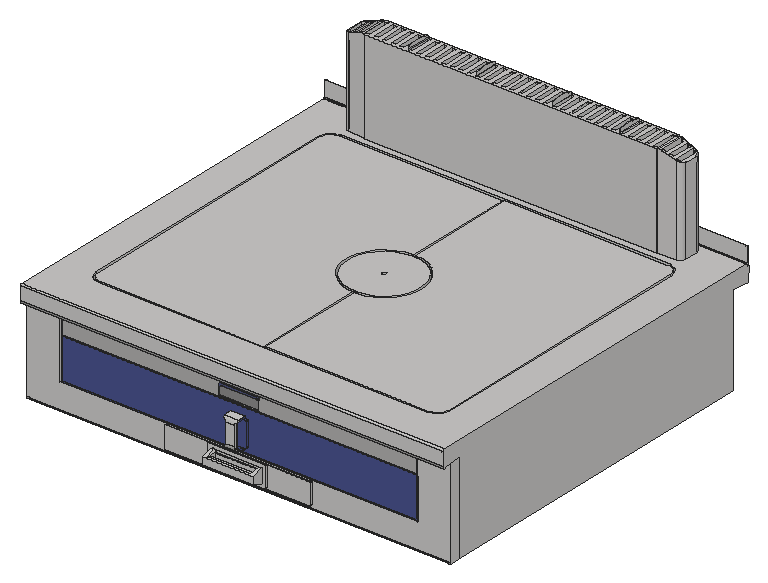
Revit family "QF_ELECTROLUXPROFESSIONAL_593338_MCKDEADDVO", category Specialty Equipment, Revit 2018
Family settings
  Round Connector Dimension = Use Diameter
  Part Type = Normal
  Work Plane-Based = No
  Always vertical = Yes
  Cut with Voids When Loaded = No
  Shared = No
  Room Calculation Point = No
Parameters (values of type "Standard")
  Weight = 73.00 kg
  Watts = 0 W
  Volts = 0 V
  URL Manufacturer = "http://professional.electrolux.com"
  URL = "http://professional.electrolux.com"
  Steam Supply Size = 0"
  Steam Supply Minimum Pressure = 0.00 psi
  Steam Supply Maximum Pressure = 0.00 psi
  Steam Pounds per Hour = 0
  Show Clearance [instance] = yes
  Refrigeration Suction Line Size = 0 mm
  Refrigeration Liquid Line Size = 0 mm
  Refrigerant Compressor Remote = yes
  Phase = 0
  Model = "MCKDEADDVO"
  Manufacturer = "Electrolux Professional"
  Length Actual = 400 mm  # constant formula
  Item Number = "593338"
  Hot Water Size = 0"
  Height Actual = 700 mm  # constant formula
  HP = "0 HP"
  Gas Size = 1/2"
  Gas KW = 9.5
  Gas Input Pressure = 0.776646 Btu/h
  Direct Waste Size = 1"
  Description = "GAS PASTA COOK,TOWNGAS,20L 400X900X700H"
  Depth Actual = 900 mm  # constant formula
  Cycle = 0 Hz
  Condensate Return Size = 0"
  Compressed Air Volume = 0 GPM
  Compressed Air Size = 0"
  Compressed Air Pressure = 0.00 psi
  Cold Water Size = 3/4"
  Accessory = yes
Reference planes
  plane 1 "BACK": y = 0
  plane 2: z = 0
  plane 3 "LEFT": x = 0
  plane 4 "RIGHT": x = 1000
  plane 5 "FRONT": y = -900
  plane 6 "TOP": z = 481
  plane 7 "Center Y": x = 500
  plane 8 "Center X": y = -450
  plane 9: z = 250
  plane 10: y = -1330
  plane 11: x = 965
Forms (mm)
  Extrusion 1, solid, material "QF_Finishes_Stainless Steel"
    sketch origin (653.786, 50.048, -650) x (0, 1, 0) y (0, 0, 1)
      loop
        line (-95.048, 863) -> (-71.412, 863) -> (-54.743, 860.061)
        arc (-54.743, 860.061) -> (-51.477, 860.936) -> (-50.048, 864) r 4
        line (-50.048, 864) -> (-50.048, 896)
        arc (-50.048, 896) -> (-51.22, 898.828) -> (-54.048, 900) r 4
        line (-54.048, 900) -> (-946.048, 900)
        arc (-946.048, 900) -> (-948.877, 898.828) -> (-950.048, 896) r 4
        line (-950.048, 896) -> (-950.048, 864)
        arc (-950.048, 864) -> (-948.619, 860.936) -> (-945.353, 860.061) r 4
        line (-945.353, 860.061) -> (-928.509, 863) -> (-905.048, 863) -> (-905.048, 650) -> (-95.048, 650) -> (-95.048, 863)
    from -653.786 to 346.214
  Extrusion 2, void
    sketch origin (653.786, 50.048, -650) x (1, 0, 0) y (0, 1, 0)
      loop
        arc (-542.786, -143.048) -> (-564, -151.835) -> (-572.786, -173.048) r 30
        line (-572.786, -173.048) -> (-572.786, -827.048)
        arc (-572.786, -827.048) -> (-564, -848.261) -> (-542.786, -857.048) r 30
        line (-542.786, -857.048) -> (235.214, -857.048)
        arc (235.214, -857.048) -> (256.427, -848.261) -> (265.214, -827.048) r 30
        line (265.214, -827.048) -> (265.214, -173.048)
        arc (265.214, -173.048) -> (256.427, -151.835) -> (235.214, -143.048) r 30
        line (235.214, -143.048) -> (-542.786, -143.048)
      loop
        line (-567.786, -173.048) -> (-567.786, -827.048)
        arc (-567.786, -827.048) -> (-560.464, -844.726) -> (-542.786, -852.048) r 25
        line (-542.786, -852.048) -> (-156.286, -852.048) -> (-156.286, -590.013)
        arc (-156.286, -590.013) -> (-243.786, -500.048) -> (-156.286, -410.083) r 90
        line (-156.286, -410.083) -> (-156.286, -148.048) -> (-542.786, -148.048)
        arc (-542.786, -148.048) -> (-560.464, -155.37) -> (-567.786, -173.048) r 25
      loop
        line (235.214, -148.048) -> (-151.286, -148.048) -> (-151.286, -410.083)
        arc (-151.286, -410.083) -> (-63.786, -500.048) -> (-151.286, -590.013) r 90
        line (-151.286, -590.013) -> (-151.286, -852.048) -> (235.214, -852.048)
        arc (235.214, -852.048) -> (252.891, -844.726) -> (260.214, -827.048) r 25
        line (260.214, -827.048) -> (260.214, -173.048)
        arc (260.214, -173.048) -> (252.891, -155.37) -> (235.214, -148.048) r 25
      loop
        circle (-153.786, -500.048) r 5
      loop
        arc (-156.286, -415.085) -> (-238.786, -500.048) -> (-156.286, -585.011) r 85
        arc (-156.286, -585.011) -> (-153.786, -585.048) -> (-151.286, -585.011) r 85
        arc (-151.286, -585.011) -> (-68.786, -500.048) -> (-151.286, -415.085) r 85
        arc (-151.286, -415.085) -> (-153.786, -415.048) -> (-156.286, -415.085) r 85
    from 887.5 to 900
  Extrusion 3, solid, material "QF_Finishes_Stainless Steel"
    sketch origin (-8, 53.486, -651.25) x (0, 1, 0) y (0, 0, 1)
      loop
        arc (-55.437, 903.256) -> (-56.028, 901.836) -> (-57.453, 901.256) r 2
        arc (-57.453, 901.256) -> (-54.646, 900.067) -> (-53.486, 897.25) r 4
        line (-53.486, 897.25) -> (-53.486, 939.256) -> (-55.437, 939.256) -> (-55.437, 903.256)
    from 8 to 1008
  Extrusion 4, solid, material "QF_Finishes_Stainless Steel"
    sketch origin (0, 0, 0) x (1, 0, 0) y (0, 1, 0)
      loop
        circle (965, -590) r 6.35
    from 0 to -14.661
  Extrusion 5, solid, material "QF_Door-Drawer Clearances", visible <- "Show Clearance", detail levels coarse
    sketch origin (0, 0, 0) x (1, 0, 0) y (0, 1, 0)
      loop
        line (327.605, -882.593) -> (327.605, -1330) -> (671.605, -1330) -> (671.605, -882.593) -> (327.605, -882.593)
    from 8.62 to 60
  Extrusion 6, solid, material "QF_Clearances", visible <- "Show Clearance", detail levels coarse
    sketch origin (0, 0, 0) x (1, 0, 0) y (0, 1, 0)
      loop
        line (-250, 150) -> (-250, -900) -> (0, -900) -> (0, 0) -> (1000, 0) -> (1000, -900) -> (1250, -900) -> (1250, 150) -> (-250, 150)
    from 0 to 481
Cuts and joins
  Extrusion 2 cuts Extrusion 1
Lines and regions (mm)
  symbolic lines, style "QF_Door-Drawer Clearances"
    curve 1: line (327.605, -900, 0) -> (327.605, -1330, 0)
    curve 2: line (327.605, -1330, 0) -> (671.605, -1330, 0)
    curve 3: line (671.605, -1330, 0) -> (671.605, -900, 0)
  symbolic lines
    curve 4: line (0, -900, 0) -> (1000, -900, 0)
    curve 5: line (0, 0, 0) -> (0, -900, 0)
    curve 6: line (1000, 0, 0) -> (0, 0, 0)
    curve 7: line (1000, -900, 0) -> (1000, 0, 0)
    curve 8: line (111, -93, 0) -> (889, -93, 0)
    curve 9: arc (889, -93, 0) -> (910.213, -101.787, 0) -> (919, -123, 0) r 30
    curve 10: line (919, -123, 0) -> (919, -777, 0)
    curve 11: arc (919, -777, 0) -> (910.213, -798.213, 0) -> (889, -807, 0) r 30
    curve 12: line (889, -807, 0) -> (111, -807, 0)
    curve 13: arc (111, -807, 0) -> (89.787, -798.213, 0) -> (81, -777, 0) r 30
    curve 14: line (81, -777, 0) -> (81, -123, 0)
    curve 15: arc (81, -123, 0) -> (89.787, -101.787, 0) -> (111, -93, 0) r 30
    curve 16: line (497.5, -98, 0) -> (111, -98, 0)
    curve 17: arc (111, -98, 0) -> (93.322, -105.322, 0) -> (86, -123, 0) r 25
    curve 18: line (86, -123, 0) -> (86, -777, 0)
    curve 19: arc (86, -777, 0) -> (93.322, -794.678, 0) -> (111, -802, 0) r 25
    curve 20: line (111, -802, 0) -> (497.5, -802, 0)
    curve 21: line (497.5, -802, 0) -> (497.5, -539.965, 0)
    curve 22: arc (497.5, -539.965, 0) -> (410, -450, 0) -> (497.5, -360.035, 0) r 90
    curve 23: line (497.5, -360.035, 0) -> (497.5, -98, 0)
    curve 24: line (889, -98, 0) -> (502.5, -98, 0)
    curve 25: line (502.5, -98, 0) -> (502.5, -360.035, 0)
    curve 26: arc (502.5, -360.035, 0) -> (590, -450, 0) -> (502.5, -539.965, 0) r 90
    curve 27: line (502.5, -539.965, 0) -> (502.5, -802, 0)
    curve 28: line (502.5, -802, 0) -> (889, -802, 0)
    curve 29: arc (889, -802, 0) -> (906.678, -794.678, 0) -> (914, -777, 0) r 25
    curve 30: line (914, -777, 0) -> (914, -123, 0)
    curve 31: arc (914, -123, 0) -> (906.678, -105.322, 0) -> (889, -98, 0) r 25
    curve 32: arc (502.5, -534.963, 0) -> (585, -450, 0) -> (502.5, -365.037, 0) r 85
    curve 33: arc (502.5, -365.037, 0) -> (500, -365, 0) -> (497.5, -365.037, 0) r 85
    curve 34: arc (497.5, -365.037, 0) -> (415, -450, 0) -> (497.5, -534.963, 0) r 85
    curve 35: arc (497.5, -534.963, 0) -> (500, -535, 0) -> (502.5, -534.963, 0) r 85
    curve 36: arc (505, -450, 0) -> (500, -455, 0) -> (495, -450, 0) r 5
    curve 37: arc (495, -450, 0) -> (500, -445, 0) -> (505, -450, 0) r 5
  symbolic lines, style "QF_Clearances", visible <- "Show Clearance", detail levels coarse
    curve 38: line (-250, -900, 0) -> (-250, 150, 0)
    curve 39: line (-250, 150, 0) -> (1250, 150, 0)
    curve 40: line (1250, 150, 0) -> (1250, -900, 0)
Dimensions and locks
  equal spacing: plane 3 "LEFT", plane 7 "Center Y", plane 4 "RIGHT"
  plane 3 "LEFT" to plane 4 "RIGHT" = 1000 mm
  equal spacing: plane 5 "FRONT", plane 8 "Center X", plane 1 "BACK"
  plane 5 "FRONT" to plane 1 "BACK" = 900 mm
  plane 6 "TOP" to level = 481 mm
  plane 9 to level = 250 mm  (x2)
  plane 5 "FRONT" to plane 10 = 430 mm
  curve 38 to plane 3 "LEFT" = 250 mm
  plane 4 "RIGHT" to curve 40 = 250 mm
  plane 1 "BACK" to curve 39 = 150 mm
  plane 4 "RIGHT" to plane 11 = 35 mm
  plane 1 "BACK" to Extrusion 4 = 590 mm
  plane 6 "TOP" to plane 9 = 231 mm
  locked: Extrusion 2 sketch curve to Extrusion 2 sketch curve (radius 30 mm)  (x4)
  locked: Extrusion 2 sketch curve to Extrusion 2 sketch curve (radius 25 mm)  (x4)
  locked: Extrusion 2 sketch curve to Extrusion 2 sketch curve (radius 90 mm)  (x2)
  locked: Extrusion 2 sketch curve to Extrusion 2 sketch curve (radius 85 mm)  (x2)
  aligned and locked: level to plane 2
Automatic sketch dimensions
  Extrusion 1 sketch curve to plane 5 "FRONT" = 0 mm
  Extrusion 1 sketch curve to plane 9 = 0 mm
  Extrusion 1 sketch curve to level = 0 mm
  Extrusion 1 sketch curve to plane 1 "BACK" = 0 mm
  Extrusion 1 sketch curve to plane 5 "FRONT" = 4.695 mm
  Extrusion 1 sketch curve to plane 9 = 39.939 mm
  Extrusion 1 sketch curve to plane 5 "FRONT" = 4 mm
  Extrusion 1 sketch curve to Extrusion 1 sketch curve = 16.844 mm
  Extrusion 1 sketch curve to plane 5 "FRONT" = 45 mm
  plane 1 "BACK" to Extrusion 1 sketch curve = 45 mm
  plane 1 "BACK" to Extrusion 1 sketch curve = 21.364 mm
  plane 1 "BACK" to Extrusion 1 sketch curve = 4 mm  (x2)
  Extrusion 1 sketch curve to Extrusion 1 sketch curve = 0.695 mm
  plane 1 "BACK" to Extrusion 1 sketch curve = 4.695 mm
  Extrusion 1 sketch curve to Extrusion 1 sketch curve = 0 mm  (x2)
  Extrusion 1 sketch curve to plane 9 = 37 mm  (x2)
  Extrusion 1 sketch curve to Extrusion 1 sketch curve = 1 mm
  Extrusion 2 sketch curve to Extrusion 2 sketch curve = 0 mm  (x19)
  Extrusion 2 sketch curve to plane 5 "FRONT" = 93 mm
  Extrusion 2 sketch curve to plane 7 "Center Y" = 0 mm
  Extrusion 2 sketch curve to plane 8 "Center X" = 0 mm
  Extrusion 2 sketch curve to plane 7 "Center Y" = 2.5 mm  (x4)
  plane 7 "Center Y" to Extrusion 2 sketch curve = 2.5 mm  (x4)
  plane 1 "BACK" to Extrusion 2 sketch curve = 123 mm
  Extrusion 3 sketch curve to plane 1 "BACK" = 0 mm
  Extrusion 3 sketch curve to plane 9 = 4 mm
  Extrusion 3 sketch curve to Extrusion 3 sketch curve = 1.951 mm
  Extrusion 3 sketch curve to Extrusion 3 sketch curve = 4 mm
  Extrusion 3 sketch curve to plane 9 = 0 mm
  Extrusion 3 sketch curve to Extrusion 3 sketch curve = 0 mm
  Extrusion 3 sketch curve to Extrusion 3 sketch curve = 0.016 mm
  plane 9 to Extrusion 3 sketch curve = 2.006 mm
  Extrusion 3 sketch curve to Extrusion 3 sketch curve = 36 mm
  plane 3 "LEFT" to Extrusion 2 sketch curve = 81 mm
  Extrusion 4 sketch curve to plane 8 "Center X" = 140 mm
  plane 4 "RIGHT" to Extrusion 4 sketch curve = 35 mm
  Extrusion 5 sketch curve to plane 10 = 0 mm
  Extrusion 5 sketch curve to plane 5 "FRONT" = 17.407 mm
  Extrusion 5 sketch curve to plane 7 "Center Y" = 172.395 mm
  plane 7 "Center Y" to Extrusion 5 sketch curve = 171.605 mm
  plane 4 "RIGHT" to Extrusion 2 sketch curve = 111 mm
  plane 5 "FRONT" to Extrusion 6 sketch curve = 0 mm
  Extrusion 6 sketch curve to plane 1 "BACK" = 150 mm
  Extrusion 6 sketch curve to plane 4 "RIGHT" = 250 mm
  Extrusion 6 sketch curve to plane 1 "BACK" = 0 mm
  Extrusion 6 sketch curve to plane 3 "LEFT" = 0 mm
  Extrusion 6 sketch curve to plane 4 "RIGHT" = 0 mm
  Extrusion 6 sketch curve to Extrusion 6 sketch curve = 250 mm
  Extrusion 6 sketch curve to Extrusion 6 sketch curve = 0 mm
  curve 9 to curve 31 = 0 mm  (x2)
  curve 11 to curve 29 = 0 mm  (x2)
  curve 13 to curve 19 = 0 mm  (x2)
  curve 15 to curve 17 = 0 mm  (x2)
  curve 22 to curve 26 = 0 mm  (x2)
  curve 22 to curve 32 = 0 mm  (x2)
  curve 22 to curve 33 = 0 mm  (x2)
  curve 22 to curve 34 = 0 mm  (x2)
  curve 22 to curve 35 = 0 mm
  curve 22 to curve 36 = 0 mm  (x2)
  plane 1 "BACK" to curve 5 = 0 mm
  curve 5 to plane 3 "LEFT" = 0 mm
  curve 1 to plane 10 = 0 mm
  curve 4 to plane 4 "RIGHT" = 0 mm
  plane 5 "FRONT" to curve 5 = 0 mm
  plane 5 "FRONT" to curve 38 = 0 mm
  curve 36 to plane 8 "Center X" = 0 mm
  curve 32 to plane 7 "Center Y" = 0 mm
  plane 5 "FRONT" to curve 40 = 0 mm
  plane 3 "LEFT" to curve 14 = 81 mm
  curve 13 to curve 18 = 5 mm
  curve 18 to curve 20 = 25 mm
  curve 17 to curve 8 = 25 mm
  curve 1 to plane 7 "Center Y" = 172.395 mm
  curve 21 to plane 7 "Center Y" = 2.5 mm
  curve 16 to plane 7 "Center Y" = 2.5 mm
  plane 7 "Center Y" to curve 28 = 2.5 mm
  plane 7 "Center Y" to curve 25 = 2.5 mm
  plane 7 "Center Y" to curve 3 = 171.605 mm
  plane 4 "RIGHT" to curve 28 = 111 mm
  curve 11 to curve 30 = 25 mm
  curve 30 to curve 10 = 5 mm
  curve 36 to curve 22 = 5 mm
  curve 34 to plane 7 "Center Y" = 2.5 mm
  curve 33 to plane 7 "Center Y" = 2.5 mm
  plane 7 "Center Y" to curve 33 = 2.5 mm
  plane 7 "Center Y" to curve 35 = 2.5 mm
  curve 12 to plane 5 "FRONT" = 93 mm
  curve 21 to plane 8 "Center X" = 89.965 mm
  curve 22 to curve 27 = 0 mm
  curve 27 to curve 35 = 5.002 mm
  plane 1 "BACK" to curve 30 = 123 mm
  plane 1 "BACK" to curve 14 = 123 mm
  radius of Extrusion 2 sketch curve = 5 mm
  radius of Extrusion 4 sketch curve = 6.35 mm
Nested families
  nested 1: "EG_900_1000_Front Panel with Center Grease Trap" at (202.376, -855, -650), type "EG_900_1000_Front Panel with Center Grease Trap"
  nested 2: "GG_900_Backsplash for 800 fryer" at (488.888, -5, -635.571), type "GG_900_Backsplash for 800 fryer"
Connectors
  piping at (965, -590, -14.661), diameter 12.7
    settings: on Extrusion 4, index 1, connector inside diameter 1/2", connector length 0 mm, flow factor 0, pipe flow 0 GPM, pressure drop 0.00 psi, fitting loss kfactor 0, connector angle 0.00°, fixture units 0, engagement length 0 mm, angle of deflection 0.00°, flow configuration 1, flow direction 1, fitting loss method 0, system type 7, joint type 0, gender type 0, connector reference index -1, connector utility 0, adjustable connector no, is connector primary yes, connector description "GAS INLET"
Definition of nested family "EG_900_1000_Front Panel with Center Grease Trap"
  Reference planes
    plane 1 "Center (Front/Back)": y = 0
    plane 2: z = 0
    plane 3 "Center (Left/Right)": x = 297.624
    plane 4: x = -202.376
    plane 5: x = 797.624
    plane 6: y = -45
  Forms (mm)
    Extrusion 1, solid
      sketch origin (833.217, 829.203, -1.25) x (0, 1, 0) y (0, 0, 1)
        loop
          arc (-854.203, 654.25) -> (-853.324, 652.129) -> (-851.203, 651.25) r 3
          line (-851.203, 651.25) -> (-829.203, 651.25) -> (-829.203, 864.25) -> (-854.203, 864.25) -> (-854.203, 654.25)
      from -1035.593 to -35.593
    Extrusion 2, void
      sketch origin (33.217, 829.203, -1.25) x (1, 0, 0) y (0, 0, 1)
        loop
          line (-157.593, 855.116) -> (-157.593, 713.116) -> (686.407, 713.116) -> (686.407, 855.116) -> (-157.593, 855.116)
      from 848.59 to 854.203
  Cuts and joins
    Extrusion 2 cuts Extrusion 1
  Dimensions and locks
    equal spacing: plane 5, plane 3 "Center (Left/Right)", plane 4
    plane 5 to plane 4 = 1000 mm
    aligned and locked: cut or joined group of Extrusion 1, Extrusion 2 to plane 4
    aligned and locked: plane 5 to cut or joined group of Extrusion 1, Extrusion 2
    aligned and locked: plane 3 "Center (Left/Right)" to nested 2
    aligned and locked: cut or joined group of Extrusion 1, Extrusion 2 to nested 2
    aligned and locked: plane 3 "Center (Left/Right)" to nested 1
    aligned and locked: plane 3 "Center (Left/Right)" to nested 3
  Automatic sketch dimensions
    Extrusion 1 sketch curve to plane 1 "Center (Front/Back)" = 0 mm
    plane 1 "Center (Front/Back)" to Extrusion 1 sketch curve = 22 mm
    Extrusion 1 sketch curve to Extrusion 1 sketch curve = 3 mm
    level to Extrusion 1 sketch curve = 650 mm
    Extrusion 1 sketch curve to Extrusion 1 sketch curve = 210 mm
    plane 4 to Extrusion 2 sketch curve = 78 mm
    Extrusion 2 sketch curve to plane 5 = 78 mm
    level to Extrusion 2 sketch curve = 711.866 mm
    Extrusion 2 sketch curve to Extrusion 2 sketch curve = 142 mm
  Nested families
    nested 1: "Range Control Handle" at (297.624, -28.137, -209.113) x (-1, 0, 0) z (0, 0, 1), type "Range Control Handle"
    nested 2: "glass conrol panel" at (297.624, 280.644, 2.752), type "glass conrol panel"
    nested 3: "grease trap door" at (365.223, -25, 0.608) x (-1, 0, 0) z (0, 0, 1), type "grease trap door"
  Definition of nested family "Range Control Handle"
    Reference planes
      plane 1 "Center (Front/Back)": y = 0
      plane 2: z = 0
      plane 3 "Center (Left/Right)": x = 0
      plane 4: z = 971.092
      plane 5: y = -16.9
    Forms (mm)
      Extrusion 1, solid
        sketch origin (-746.28, 380.497, 208.931) x (-1, 0, 0) y (0, 0, 1)
          loop
            line (-770.101, 786.798) -> (-770.101, 731.649)
            arc (-770.101, 731.649) -> (-769.759, 730.563) -> (-768.855, 729.87) r 1.893
            line (-768.855, 729.87) -> (-763.474, 727.911) -> (-729.81, 727.911) -> (-724.428, 729.87)
            arc (-724.428, 729.87) -> (-723.525, 730.563) -> (-723.183, 731.649) r 1.893
            line (-723.183, 731.649) -> (-723.183, 786.798)
            arc (-723.183, 786.798) -> (-723.529, 787.894) -> (-724.44, 788.593) r 1.91
            line (-724.44, 788.593) -> (-729.683, 790.819) -> (-763.601, 790.819) -> (-768.844, 788.593)
            arc (-768.844, 788.593) -> (-769.755, 787.894) -> (-770.101, 786.798) r 1.91
        from -382.35 to -378.852
      Sweep 2, solid
        path origin (-746.788, 380.496, 208.091) x (0, -1, 0) y (0, 0, 1)
          loop
            line (379.775, 793.281) -> (395.661, 791.048)
            arc (395.661, 791.048) -> (397.781, 787.377) -> (398.517, 783.202) r 12.207
            line (398.517, 783.202) -> (398.517, 737.368)
            arc (398.517, 737.368) -> (397.781, 733.193) -> (395.661, 729.522) r 12.207
            line (395.661, 729.522) -> (379.775, 727.289)
        profile origin (-746.788, -7.222, 1000.256) x (0, -0.139173, 0.990268) y (-1, 0, 0)
          loop
            line (0.782, -763.123) -> (0.782, -730.907) -> (-1.322, -730.907) -> (-1.322, -763.123) -> (0.782, -763.123)
      Sweep 3, solid
        path origin (-746.788, 380.715, 207.832) x (0, -1, 0) y (0, 0, 1)
          loop
            line (380.478, 795.442) -> (397.218, 793.09)
            arc (397.218, 793.09) -> (399.929, 788.473) -> (400.871, 783.202) r 15.207
            line (400.871, 783.202) -> (400.871, 737.584)
            arc (400.871, 737.584) -> (399.914, 732.274) -> (397.164, 727.633) r 15.207
            line (397.164, 727.633) -> (380.601, 725.305)
        profile origin (-746.788, -8.132, 1002.099) x (0, -0.139173, 0.990268) y (-1, 0, 0)
          loop
            line (0.782, -763.123) -> (0.782, -730.907) -> (-1.322, -730.907) -> (-1.322, -763.123) -> (0.782, -763.123)
      Extrusion 4, void
        sketch origin (889.253, 220.666, 207.993) x (1, 0, 0) y (0, 0, 1)
          loop
            line (-943.038, 816.854) -> (-943.038, 703.686) -> (-899.466, 734.196) -> (-899.466, 786.344) -> (-943.038, 816.854)
        from 230.636 to 242.25
      Extrusion 5, void
        sketch origin (-888.8, 220.666, 207.993) x (-1, 0, 0) y (0, 0, -1)
          loop
            line (-943.038, -816.854) -> (-899.466, -786.344) -> (-899.466, -734.196) -> (-943.038, -703.686) -> (-943.038, -816.854)
        from 230.636 to 242.25
      Extrusion 6, solid
        sketch origin (0, 0, 0) x (1, 0, 0) y (0, 0, 1)
          loop
            circle (0, 971.092) r 7.736
        from -3.137 to -1.645
    Cuts and joins
      Extrusion 4, Extrusion 5 cuts Sweep 3
      Extrusion 4, Extrusion 5 cuts Sweep 2
      joined: Extrusion 1, Extrusion 6
    Lines and regions (mm)
      symbolic lines
        curve 1: line (16.334, -16.9, 0) -> (16.334, -19.227, 0)
        curve 2: spline (16.334, -19.227, 0) -> (15.87, -19.385, 0) -> (15.404, -19.536, 0) -> (14.936, -19.678, 0) -> (14.466, -19.813, 0) -> (13.995, -19.94, 0) -> (13.523, -20.059, 0) -> (13.049, -20.171, 0) -> (12.575, -20.274, 0) -> (12.099, -20.37, 0) -> (11.622, -20.458, 0) -> (11.144, -20.537, 0) -> (10.666, -20.609, 0)
        curve 3: line (10.666, -16.9, 0) -> (10.666, -20.938, 0)
        curve 4: line (-10.213, -20.938, 0) -> (10.666, -20.938, 0)
        curve 5: line (-10.213, -20.938, 0) -> (-10.213, -16.9, 0)
        curve 6: spline (-10.213, -20.609, 0) -> (-10.691, -20.537, 0) -> (-11.169, -20.458, 0) -> (-11.646, -20.37, 0) -> (-12.122, -20.274, 0) -> (-12.597, -20.171, 0) -> (-13.07, -20.059, 0) -> (-13.542, -19.94, 0) -> (-14.013, -19.813, 0) -> (-14.483, -19.678, 0) -> (-14.951, -19.536, 0) -> (-15.417, -19.385, 0) -> (-15.881, -19.227, 0)
        curve 7: line (-15.881, -19.227, 0) -> (-15.881, -16.9, 0)
  Definition of nested family "glass conrol panel"
    Reference planes
      plane 1 "Center (Front/Back)": y = 0
      plane 2: z = 0
      plane 3 "Center (Left/Right)": x = 0
    Forms (mm)
      Extrusion 1, solid
        sketch origin (378.286, 0, 0.617) x (1, 0, 0) y (0, 0, 1)
          loop
            line (-800.286, 806.791) -> (-800.286, 708.497) -> (43.714, 708.497) -> (43.714, 806.791) -> (-800.286, 806.791)
        from 300.031 to 304.8
      Extrusion 2, solid
        sketch origin (378.286, 0, 0.617) x (1, 0, 0) y (0, 0, 1)
          loop
            line (-800.286, 850.497) -> (-800.286, 806.791) -> (43.714, 806.791) -> (43.714, 850.497) -> (-800.286, 850.497)
        from 300.031 to 304.8
      Extrusion 3, void
        sketch origin (378.286, 0, 0.617) x (1, 0, 0) y (0, 0, 1)
          loop
            line (-797.286, 847.565) -> (-797.286, 710.699) -> (40.714, 710.699) -> (40.714, 847.565) -> (-797.286, 847.565)
        from 303.697 to 304.8
      Extrusion 4, solid
        sketch origin (-308.309, 1.101, -0.633) x (-1, 0, 0) y (0, 0, -1)
          loop
            line (-261.431, -812.62) -> (-355.186, -812.62) -> (-355.186, -834.177) -> (-350.269, -834.177) -> (-348.469, -835.977) -> (-268.039, -835.977) -> (-266.24, -834.177) -> (-261.431, -834.177) -> (-261.431, -812.62)
        from 304.798 to 306.745
      Extrusion 5, solid
        sketch origin (-308.309, 1.101, -0.633) x (-1, 0, 0) y (0, 0, -1)
          loop
            line (-350.269, -834.177) -> (-355.078, -834.177)
            arc (-355.078, -834.177) -> (-353.942, -838.747) -> (-349.686, -840.763) r 5.5
            line (-349.686, -840.763) -> (-266.98, -840.763)
            arc (-266.98, -840.763) -> (-262.706, -838.752) -> (-261.529, -834.177) r 5.549
            line (-261.529, -834.177) -> (-266.24, -834.177) -> (-268.039, -835.977) -> (-348.469, -835.977) -> (-350.269, -834.177)
        from 304.798 to 306.745
    Cuts and joins
      Extrusion 3 cuts Extrusion 1
      Extrusion 3 cuts Extrusion 2
    Dimensions and locks
      aligned and locked: Extrusion 1 to Extrusion 2
      aligned and locked: Extrusion 5 sketch curve to Extrusion 4  (x5)
      aligned and locked: Extrusion 5 to Extrusion 4
  Definition of nested family "grease trap door"
    Reference planes
      plane 1 "Center (Front/Back)": y = 0
      plane 2: z = 0
      plane 3 "Center (Left/Right)": x = 0
      plane 4: y = -20
    Forms (mm)
      Extrusion 1, solid
        sketch origin (1627.55, 854.203, -1.25) x (1, 0, 0) y (0, 0, 1)
          loop
            arc (-1627.55, 661.235) -> (-1626.972, 659.84) -> (-1625.577, 659.262) r 1.973
            line (-1625.577, 659.262) -> (-1494.325, 659.262)
            arc (-1494.325, 659.262) -> (-1492.156, 660.16) -> (-1491.258, 662.329) r 3.067
            line (-1491.258, 662.329) -> (-1491.258, 708.803)
            arc (-1491.258, 708.803) -> (-1492.414, 710.143) -> (-1494.111, 710.642) r 3.133
            line (-1494.111, 710.642) -> (-1625.486, 710.642)
            arc (-1625.486, 710.642) -> (-1626.945, 710.038) -> (-1627.55, 708.579) r 2.063
            line (-1627.55, 708.579) -> (-1627.55, 661.235)
        from 856.795 to 859.203
      Extrusion 2, solid
        sketch origin (445.874, 2476.61, 0) x (0, 1, 0) y (0, 0, 1)
          loop
            line (-2506.377, 675.273) -> (-2481.61, 667.505) -> (-2481.61, 700.995) -> (-2506.377, 693.227) -> (-2506.377, 675.273)
        from -437.68 to -317.68
      Extrusion 3, void
        sketch origin (1627.55, 854.203, -1.25) x (1, 0, 0) y (0, 0, 1)
          loop
            line (-1614.883, 703) -> (-1610.542, 695.433) -> (-1508.17, 695.433) -> (-1503.828, 703) -> (-1614.883, 703)
          loop
            line (-1614.883, 668) -> (-1502.669, 668) -> (-1507.01, 675.567) -> (-1610.542, 675.567) -> (-1614.883, 668)
        from 832.916 to 883.97
      Extrusion 4, void
        sketch origin (447.55, 854.203, -1.25) x (1, 0, 0) y (0, 0, 1)
          loop
            line (-430.542, 695.433) -> (-430.542, 675.567) -> (-328.17, 675.567) -> (-328.17, 695.433) -> (-430.542, 695.433)
        from 859.203 to 874.202
      Extrusion 5, solid
        sketch origin (1627.55, 854.203, -1.25) x (1, 0, 0) y (0, 0, 1)
          loop
            arc (-1731.556, 661.235) -> (-1730.978, 659.84) -> (-1729.583, 659.262) r 1.973
            line (-1729.583, 659.262) -> (-1390.623, 659.262)
            arc (-1390.623, 659.262) -> (-1388.454, 660.16) -> (-1387.556, 662.329) r 3.067
            line (-1387.556, 662.329) -> (-1387.556, 708.803)
            arc (-1387.556, 708.803) -> (-1388.712, 710.143) -> (-1390.409, 710.642) r 3.133
            line (-1390.409, 710.642) -> (-1729.493, 710.642)
            arc (-1729.493, 710.642) -> (-1730.952, 710.038) -> (-1731.556, 708.579) r 2.063
            line (-1731.556, 708.579) -> (-1731.556, 661.235)
        from 854.203 to 856.795
    Cuts and joins
      Extrusion 3 cuts Extrusion 1
      Extrusion 3, Extrusion 4 cuts Extrusion 2
      joined: Extrusion 1, Extrusion 2
    Lines and regions (mm)
      model lines
        curve 1: line (67.599, 0, 658.012) -> (67.599, 0, 709.392)
      symbolic lines
        curve 2: line (8.194, -20, 0) -> (8.194, -29.767, 0)
        curve 3: line (8.194, -29.767, 0) -> (128.194, -29.767, 0)
        curve 4: line (128.194, -29.767, 0) -> (128.194, -20, 0)
    Dimensions and locks
      aligned and locked: Extrusion 2 to Extrusion 1
      aligned and locked: Extrusion 3 to Extrusion 2
      aligned and locked: Extrusion 4 to Extrusion 1
Definition of nested family "GG_900_Backsplash for 800 fryer"
  Reference planes
    plane 1 "Center (Front/Back)": y = 0
    plane 2: z = 0
    plane 3 "Center (Left/Right)": x = 11.112
    plane 4: x = -388.888
    plane 5: x = 411.112
    plane 6: y = -37.994
  Forms (mm)
    Extrusion 1, solid
      sketch origin (3208.371, -22.924, -275.679) x (1, 0, 0) y (0, 0, 1)
        loop
          line (-3597.259, 1365.162) -> (-3597.259, 1161.25) -> (-2797.259, 1161.25) -> (-2797.259, 1364.934) -> (-2841.553, 1381.055)
          arc (-2841.553, 1381.055) -> (-2844.994, 1381.949) -> (-2848.536, 1382.25) r 21
          line (-2848.536, 1382.25) -> (-3546.608, 1382.25)
          arc (-3546.608, 1382.25) -> (-3550.146, 1381.95) -> (-3553.582, 1381.058) r 21
          line (-3553.582, 1381.058) -> (-3597.259, 1365.162)
      from -17.885 to 48.024
    Extrusion 2, void
      sketch origin (3108.387, -925.98, -226.348) x (1, 0, 0) y (0, 1, 0)
        loop
          line (-3444.887, 915.362) -> (-3444.887, 861.502) -> (-3434.887, 861.502) -> (-3434.887, 915.362) -> (-3444.887, 915.362)
      from 1111.919 to 1332.919
    Extrusion 3, void
      sketch origin (3789.012, -925.98, -226.348) x (1, 0, 0) y (0, 1, 0)
        loop
          line (-3444.887, 915.362) -> (-3444.887, 861.502) -> (-3434.887, 861.502) -> (-3434.887, 915.362) -> (-3444.887, 915.362)
      from 1111.919 to 1332.919
    Extrusion 4, void
      sketch origin (3128.405, -925.98, -226.348) x (1, 0, 0) y (0, 1, 0)
        loop
          line (-3444.887, 915.362) -> (-3444.887, 861.502) -> (-3434.887, 861.502) -> (-3434.887, 915.362) -> (-3444.887, 915.362)
      from 1111.919 to 1332.919
    Extrusion 5, void
      sketch origin (3148.424, -925.98, -226.348) x (1, 0, 0) y (0, 1, 0)
        loop
          line (-3444.887, 915.362) -> (-3444.887, 861.502) -> (-3434.887, 861.502) -> (-3434.887, 915.362) -> (-3444.887, 915.362)
      from 1111.919 to 1332.919
    Extrusion 6, void
      sketch origin (3168.442, -925.98, -226.348) x (1, 0, 0) y (0, 1, 0)
        loop
          line (-3444.887, 915.362) -> (-3444.887, 861.502) -> (-3434.887, 861.502) -> (-3434.887, 915.362) -> (-3444.887, 915.362)
      from 1111.919 to 1332.919
    Extrusion 7, void
      sketch origin (3188.46, -925.98, -226.348) x (1, 0, 0) y (0, 1, 0)
        loop
          line (-3444.887, 915.362) -> (-3444.887, 861.502) -> (-3434.887, 861.502) -> (-3434.887, 915.362) -> (-3444.887, 915.362)
      from 1111.919 to 1332.919
    Extrusion 8, void
      sketch origin (3208.479, -925.98, -226.348) x (1, 0, 0) y (0, 1, 0)
        loop
          line (-3444.887, 915.362) -> (-3444.887, 861.502) -> (-3434.887, 861.502) -> (-3434.887, 915.362) -> (-3444.887, 915.362)
      from 1111.919 to 1332.919
    Extrusion 9, void
      sketch origin (3228.497, -925.98, -226.348) x (1, 0, 0) y (0, 1, 0)
        loop
          line (-3444.887, 915.362) -> (-3444.887, 861.502) -> (-3434.887, 861.502) -> (-3434.887, 915.362) -> (-3444.887, 915.362)
      from 1111.919 to 1332.919
    Extrusion 10, void
      sketch origin (3248.516, -925.98, -226.348) x (1, 0, 0) y (0, 1, 0)
        loop
          line (-3444.887, 915.362) -> (-3444.887, 861.502) -> (-3434.887, 861.502) -> (-3434.887, 915.362) -> (-3444.887, 915.362)
      from 1111.919 to 1332.919
    Extrusion 11, void
      sketch origin (3268.534, -925.98, -226.348) x (1, 0, 0) y (0, 1, 0)
        loop
          line (-3444.887, 915.362) -> (-3444.887, 861.502) -> (-3434.887, 861.502) -> (-3434.887, 915.362) -> (-3444.887, 915.362)
      from 1111.919 to 1332.919
    Extrusion 12, void
      sketch origin (3288.552, -925.98, -226.348) x (1, 0, 0) y (0, 1, 0)
        loop
          line (-3444.887, 915.362) -> (-3444.887, 861.502) -> (-3434.887, 861.502) -> (-3434.887, 915.362) -> (-3444.887, 915.362)
      from 1111.919 to 1332.919
    Extrusion 13, void
      sketch origin (3308.571, -925.98, -226.348) x (1, 0, 0) y (0, 1, 0)
        loop
          line (-3444.887, 915.362) -> (-3444.887, 861.502) -> (-3434.887, 861.502) -> (-3434.887, 915.362) -> (-3444.887, 915.362)
      from 1111.919 to 1332.919
    Extrusion 14, void
      sketch origin (3328.589, -925.98, -226.348) x (1, 0, 0) y (0, 1, 0)
        loop
          line (-3444.887, 915.362) -> (-3444.887, 861.502) -> (-3434.887, 861.502) -> (-3434.887, 915.362) -> (-3444.887, 915.362)
      from 1111.919 to 1332.919
    Extrusion 15, void
      sketch origin (3348.607, -925.98, -226.348) x (1, 0, 0) y (0, 1, 0)
        loop
          line (-3444.887, 915.362) -> (-3444.887, 861.502) -> (-3434.887, 861.502) -> (-3434.887, 915.362) -> (-3444.887, 915.362)
      from 1111.919 to 1332.919
    Extrusion 16, void
      sketch origin (3368.626, -925.98, -226.348) x (1, 0, 0) y (0, 1, 0)
        loop
          line (-3444.887, 915.362) -> (-3444.887, 861.502) -> (-3434.887, 861.502) -> (-3434.887, 915.362) -> (-3444.887, 915.362)
      from 1111.919 to 1332.919
    Extrusion 17, void
      sketch origin (3388.644, -925.98, -226.348) x (1, 0, 0) y (0, 1, 0)
        loop
          line (-3444.887, 915.362) -> (-3444.887, 861.502) -> (-3434.887, 861.502) -> (-3434.887, 915.362) -> (-3444.887, 915.362)
      from 1111.919 to 1332.919
    Extrusion 18, void
      sketch origin (3408.663, -925.98, -226.348) x (1, 0, 0) y (0, 1, 0)
        loop
          line (-3444.887, 915.362) -> (-3444.887, 861.502) -> (-3434.887, 861.502) -> (-3434.887, 915.362) -> (-3444.887, 915.362)
      from 1111.919 to 1332.919
    Extrusion 19, void
      sketch origin (3428.681, -925.98, -226.348) x (1, 0, 0) y (0, 1, 0)
        loop
          line (-3444.887, 915.362) -> (-3444.887, 861.502) -> (-3434.887, 861.502) -> (-3434.887, 915.362) -> (-3444.887, 915.362)
      from 1111.919 to 1332.919
    Extrusion 20, void
      sketch origin (3448.699, -925.98, -226.348) x (1, 0, 0) y (0, 1, 0)
        loop
          line (-3444.887, 915.362) -> (-3444.887, 861.502) -> (-3434.887, 861.502) -> (-3434.887, 915.362) -> (-3444.887, 915.362)
      from 1111.919 to 1332.919
    Extrusion 21, void
      sketch origin (3468.718, -925.98, -226.348) x (1, 0, 0) y (0, 1, 0)
        loop
          line (-3444.887, 915.362) -> (-3444.887, 861.502) -> (-3434.887, 861.502) -> (-3434.887, 915.362) -> (-3444.887, 915.362)
      from 1111.919 to 1332.919
    Extrusion 22, void
      sketch origin (3488.736, -925.98, -226.348) x (1, 0, 0) y (0, 1, 0)
        loop
          line (-3444.887, 915.362) -> (-3444.887, 861.502) -> (-3434.887, 861.502) -> (-3434.887, 915.362) -> (-3444.887, 915.362)
      from 1111.919 to 1332.919
    Extrusion 23, void
      sketch origin (3508.755, -925.98, -226.348) x (1, 0, 0) y (0, 1, 0)
        loop
          line (-3444.887, 915.362) -> (-3444.887, 861.502) -> (-3434.887, 861.502) -> (-3434.887, 915.362) -> (-3444.887, 915.362)
      from 1111.919 to 1332.919
    Extrusion 24, void
      sketch origin (3528.773, -925.98, -226.348) x (1, 0, 0) y (0, 1, 0)
        loop
          line (-3444.887, 915.362) -> (-3444.887, 861.502) -> (-3434.887, 861.502) -> (-3434.887, 915.362) -> (-3444.887, 915.362)
      from 1111.919 to 1332.919
    Extrusion 25, void
      sketch origin (3548.791, -925.98, -226.348) x (1, 0, 0) y (0, 1, 0)
        loop
          line (-3444.887, 915.362) -> (-3444.887, 861.502) -> (-3434.887, 861.502) -> (-3434.887, 915.362) -> (-3444.887, 915.362)
      from 1111.919 to 1332.919
    Extrusion 26, void
      sketch origin (3568.81, -925.98, -226.348) x (1, 0, 0) y (0, 1, 0)
        loop
          line (-3444.887, 915.362) -> (-3444.887, 861.502) -> (-3434.887, 861.502) -> (-3434.887, 915.362) -> (-3444.887, 915.362)
      from 1111.919 to 1332.919
    Extrusion 27, void
      sketch origin (3588.828, -925.98, -226.348) x (1, 0, 0) y (0, 1, 0)
        loop
          line (-3444.887, 915.362) -> (-3444.887, 861.502) -> (-3434.887, 861.502) -> (-3434.887, 915.362) -> (-3444.887, 915.362)
      from 1111.919 to 1332.919
    Extrusion 28, void
      sketch origin (3608.846, -925.98, -226.348) x (1, 0, 0) y (0, 1, 0)
        loop
          line (-3444.887, 915.362) -> (-3444.887, 861.502) -> (-3434.887, 861.502) -> (-3434.887, 915.362) -> (-3444.887, 915.362)
      from 1111.919 to 1332.919
    Extrusion 29, void
      sketch origin (3628.865, -925.98, -226.348) x (1, 0, 0) y (0, 1, 0)
        loop
          line (-3444.887, 915.362) -> (-3444.887, 861.502) -> (-3434.887, 861.502) -> (-3434.887, 915.362) -> (-3444.887, 915.362)
      from 1111.919 to 1332.919
    Extrusion 30, void
      sketch origin (3648.883, -925.98, -226.348) x (1, 0, 0) y (0, 1, 0)
        loop
          line (-3444.887, 915.362) -> (-3444.887, 861.502) -> (-3434.887, 861.502) -> (-3434.887, 915.362) -> (-3444.887, 915.362)
      from 1111.919 to 1332.919
    Extrusion 31, void
      sketch origin (3668.902, -925.98, -226.348) x (1, 0, 0) y (0, 1, 0)
        loop
          line (-3444.887, 915.362) -> (-3444.887, 861.502) -> (-3434.887, 861.502) -> (-3434.887, 915.362) -> (-3444.887, 915.362)
      from 1111.919 to 1332.919
    Extrusion 32, void
      sketch origin (0, 0, 0) x (1, 0, 0) y (0, 1, 0)
        loop
          line (-373.021, -61.567) -> (-373.021, -14.408) -> (-377.678, -14.821)
          spline (-377.678, -14.821) -> (-378.371, -14.929) -> (-379.046, -15.126) -> (-379.692, -15.41) -> (-380.301, -15.777) -> (-380.864, -16.22) -> (-381.37, -16.734) -> (-381.814, -17.309) -> (-382.188, -17.939) -> (-382.486, -18.613) -> (-382.704, -19.32) -> (-382.839, -20.051) -> (-382.888, -20.793)
          line (-382.888, -20.793) -> (-382.888, -55.104)
          spline (-382.888, -55.104) -> (-382.855, -55.807) -> (-382.746, -56.501) -> (-382.562, -57.176) -> (-382.305, -57.825) -> (-381.98, -58.437) -> (-381.589, -59.005) -> (-381.14, -59.521) -> (-380.637, -59.978) -> (-380.087, -60.369) -> (-379.499, -60.69) -> (-378.879, -60.936) -> (-378.237, -61.104)
          line (-378.237, -61.104) -> (-373.021, -61.567)
        loop
          line (-367.195, -62.083) -> (-357.328, -62.958) -> (-357.328, -13.046) -> (-367.195, -13.892) -> (-367.195, -62.083)
        loop
          line (-351.502, -12.529) -> (-351.502, -63.476) -> (-341.546, -64.358) -> (-341.546, -11.645) -> (-351.502, -12.529)
        loop
          line (399.338, -14.802) -> (395.245, -14.439) -> (395.245, -61.567) -> (399.902, -61.184)
          spline (399.902, -61.184) -> (400.6, -61.075) -> (401.279, -60.875) -> (401.93, -60.588) -> (402.542, -60.217) -> (403.106, -59.768) -> (403.614, -59.248) -> (404.058, -58.666) -> (404.43, -58.029) -> (404.726, -57.349) -> (404.94, -56.634) -> (405.069, -55.897) -> (405.112, -55.149)
          line (405.112, -55.149) -> (405.112, -20.839)
          spline (405.112, -20.839) -> (405.061, -20.042) -> (404.913, -19.26) -> (404.668, -18.505) -> (404.333, -17.791) -> (403.912, -17.13) -> (403.412, -16.534) -> (402.844, -16.014) -> (402.215, -15.577) -> (401.539, -15.233) -> (400.825, -14.986) -> (400.087, -14.842) -> (399.338, -14.802)
        loop
          line (389.419, -13.922) -> (379.552, -13.046) -> (379.552, -62.989) -> (389.419, -62.113) -> (389.419, -13.922)
        loop
          line (363.77, -11.615) -> (363.77, -64.389) -> (373.726, -63.506) -> (373.726, -12.499) -> (363.77, -11.615)
      from 885.571 to 1106.571
    Extrusion 33, void
      sketch origin (5.432, 225.414, 0) x (1, 0, 0) y (0, 1, 0)
        loop
          spline (-382.452, -291.267) -> (-383.887, -291.038) -> (-385.284, -290.622) -> (-386.623, -290.026) -> (-387.883, -289.259) -> (-389.044, -288.332) -> (-390.088, -287.26) -> (-391.001, -286.059) -> (-391.767, -284.747) -> (-392.375, -283.345) -> (-392.817, -281.874) -> (-393.084, -280.356) -> (-393.174, -278.815)
          line (-393.174, -278.815) -> (-403.174, -278.815) -> (-403.174, -302.496) -> (-338.508, -302.496) -> (-338.508, -295.112) -> (-382.452, -291.267)
        loop
          line (-382.452, -235.548) -> (-338.508, -231.703) -> (-338.508, -224.32) -> (-403.174, -224.32) -> (-403.174, -248.001) -> (-393.174, -248.001)
          spline (-393.174, -248.001) -> (-393.084, -246.459) -> (-392.817, -244.941) -> (-392.375, -243.47) -> (-391.767, -242.068) -> (-391.001, -240.757) -> (-390.088, -239.556) -> (-389.044, -238.484) -> (-387.883, -237.557) -> (-386.623, -236.79) -> (-385.284, -236.194) -> (-383.887, -235.778) -> (-382.452, -235.548)
        loop
          line (393.082, -291.267) -> (349.139, -295.112) -> (349.139, -302.496) -> (413.805, -302.496) -> (413.805, -278.815) -> (403.805, -278.815)
          spline (403.805, -278.815) -> (403.715, -280.356) -> (403.447, -281.874) -> (403.006, -283.345) -> (402.398, -284.747) -> (401.631, -286.059) -> (400.719, -287.26) -> (399.674, -288.332) -> (398.513, -289.259) -> (397.254, -290.026) -> (395.915, -290.622) -> (394.518, -291.038) -> (393.082, -291.267)
        loop
          spline (393.082, -235.548) -> (394.518, -235.778) -> (395.915, -236.194) -> (397.254, -236.79) -> (398.513, -237.557) -> (399.674, -238.484) -> (400.719, -239.556) -> (401.631, -240.757) -> (402.398, -242.068) -> (403.006, -243.47) -> (403.447, -244.941) -> (403.715, -246.459) -> (403.805, -248.001)
          line (403.805, -248.001) -> (413.805, -248.001) -> (413.805, -224.32) -> (349.139, -224.32) -> (349.139, -231.703) -> (393.082, -235.548)
      from 0 to 1124.213
    Extrusion 34, void
      sketch origin (3688.92, -925.98, -226.348) x (1, 0, 0) y (0, 1, 0)
        loop
          line (-3444.887, 915.362) -> (-3444.887, 861.502) -> (-3434.887, 861.502) -> (-3434.887, 915.362) -> (-3444.887, 915.362)
      from 1111.919 to 1332.919
    Extrusion 35, void
      sketch origin (3708.938, -925.98, -226.348) x (1, 0, 0) y (0, 1, 0)
        loop
          line (-3444.887, 915.362) -> (-3444.887, 861.502) -> (-3434.887, 861.502) -> (-3434.887, 915.362) -> (-3444.887, 915.362)
      from 1111.919 to 1332.919
    Extrusion 36, void
      sketch origin (3728.957, -925.98, -226.348) x (1, 0, 0) y (0, 1, 0)
        loop
          line (-3444.887, 915.362) -> (-3444.887, 861.502) -> (-3434.887, 861.502) -> (-3434.887, 915.362) -> (-3444.887, 915.362)
      from 1111.919 to 1332.919
    Extrusion 37, void
      sketch origin (3748.975, -925.98, -226.348) x (1, 0, 0) y (0, 1, 0)
        loop
          line (-3444.887, 915.362) -> (-3444.887, 861.502) -> (-3434.887, 861.502) -> (-3434.887, 915.362) -> (-3444.887, 915.362)
      from 1111.919 to 1332.919
    Extrusion 38, void
      sketch origin (3768.993, -925.98, -226.348) x (1, 0, 0) y (0, 1, 0)
        loop
          line (-3444.887, 915.362) -> (-3444.887, 861.502) -> (-3434.887, 861.502) -> (-3434.887, 915.362) -> (-3444.887, 915.362)
      from 1111.919 to 1332.919
    Extrusion 39, solid
      sketch origin (259.122, 1835.817, -536.686) x (0, 1, 0) y (0, 0, 1)
        loop
          line (-1849.66, 1651.2) -> (-1860.917, 1653.592)
          arc (-1860.917, 1653.592) -> (-1873.392, 1654.903) -> (-1885.866, 1653.592) r 60
          line (-1885.866, 1653.592) -> (-1897.123, 1651.2)
          arc (-1897.123, 1651.2) -> (-1899.403, 1649.803) -> (-1900.294, 1647.286) r 4
          line (-1900.294, 1647.286) -> (-1900.294, 1644.257) -> (-1846.435, 1644.257) -> (-1846.435, 1647.286)
          arc (-1846.435, 1647.286) -> (-1847.327, 1649.803) -> (-1849.603, 1651.198) r 4
      from 4.99 to 5.99
    Extrusion 40, solid
      sketch origin (1192.52, 0, -506.659) x (1, 0, 0) y (0, 0, 1)
        loop
          line (-1428.929, 1613.23) -> (-1427.196, 1613.23)
          arc (-1427.196, 1613.23) -> (-1426.997, 1613.712) -> (-1426.929, 1614.23) r 2
          line (-1426.929, 1614.23) -> (-1427.929, 1614.23)
          arc (-1427.929, 1614.23) -> (-1428.221, 1613.523) -> (-1428.929, 1613.23) r 1
      from 10.618 to 64.478
    Extrusion 41, solid
      sketch origin (-240.398, 1835.817, -536.686) x (0, 1, 0) y (0, 0, 1)
        loop
          line (-1849.66, 1651.2) -> (-1860.917, 1653.592)
          arc (-1860.917, 1653.592) -> (-1873.392, 1654.903) -> (-1885.866, 1653.592) r 60
          line (-1885.866, 1653.592) -> (-1897.123, 1651.2)
          arc (-1897.123, 1651.2) -> (-1899.403, 1649.803) -> (-1900.294, 1647.286) r 4
          line (-1900.294, 1647.286) -> (-1900.294, 1644.257) -> (-1846.435, 1644.257) -> (-1846.435, 1647.286)
          arc (-1846.435, 1647.286) -> (-1847.327, 1649.803) -> (-1849.603, 1651.198) r 4
      from 4.99 to 5.99
    Extrusion 42, solid
      sketch origin (1352.667, 0, -506.659) x (1, 0, 0) y (0, 0, 1)
        loop
          line (-1428.929, 1613.23) -> (-1427.196, 1613.23)
          arc (-1427.196, 1613.23) -> (-1426.997, 1613.712) -> (-1426.929, 1614.23) r 2
          line (-1426.929, 1614.23) -> (-1427.929, 1614.23)
          arc (-1427.929, 1614.23) -> (-1428.221, 1613.523) -> (-1428.929, 1613.23) r 1
      from 10.618 to 64.478
    Extrusion 43, solid
      sketch origin (-80.251, 1835.817, -536.686) x (0, 1, 0) y (0, 0, 1)
        loop
          line (-1849.66, 1651.2) -> (-1860.917, 1653.592)
          arc (-1860.917, 1653.592) -> (-1873.392, 1654.903) -> (-1885.866, 1653.592) r 60
          line (-1885.866, 1653.592) -> (-1897.123, 1651.2)
          arc (-1897.123, 1651.2) -> (-1899.403, 1649.803) -> (-1900.294, 1647.286) r 4
          line (-1900.294, 1647.286) -> (-1900.294, 1644.257) -> (-1846.435, 1644.257) -> (-1846.435, 1647.286)
          arc (-1846.435, 1647.286) -> (-1847.327, 1649.803) -> (-1849.603, 1651.198) r 4
      from 4.99 to 5.99
    Extrusion 44, solid
      sketch origin (-1162.816, 0, -506.659) x (-1, 0, 0) y (0, 0, -1)
        loop
          arc (-1428.929, -1613.23) -> (-1428.221, -1613.523) -> (-1427.929, -1614.23) r 1
          line (-1427.929, -1614.23) -> (-1426.929, -1614.23)
          arc (-1426.929, -1614.23) -> (-1426.997, -1613.712) -> (-1427.196, -1613.23) r 2
          line (-1427.196, -1613.23) -> (-1428.929, -1613.23)
      from 10.618 to 64.478
    Extrusion 45, solid
      sketch origin (98.915, 1835.817, -536.686) x (0, 1, 0) y (0, 0, 1)
        loop
          line (-1849.66, 1651.2) -> (-1860.917, 1653.592)
          arc (-1860.917, 1653.592) -> (-1873.392, 1654.903) -> (-1885.866, 1653.592) r 60
          line (-1885.866, 1653.592) -> (-1897.123, 1651.2)
          arc (-1897.123, 1651.2) -> (-1899.403, 1649.803) -> (-1900.294, 1647.286) r 4
          line (-1900.294, 1647.286) -> (-1900.294, 1644.257) -> (-1846.435, 1644.257) -> (-1846.435, 1647.286)
          arc (-1846.435, 1647.286) -> (-1847.327, 1649.803) -> (-1849.603, 1651.198) r 4
      from 4.99 to 5.99
    Extrusion 46, solid
      sketch origin (-1323.024, 0, -506.659) x (-1, 0, 0) y (0, 0, -1)
        loop
          arc (-1428.929, -1613.23) -> (-1428.221, -1613.523) -> (-1427.929, -1614.23) r 1
          line (-1427.929, -1614.23) -> (-1426.929, -1614.23)
          arc (-1426.929, -1614.23) -> (-1426.997, -1613.712) -> (-1427.196, -1613.23) r 2
          line (-1427.196, -1613.23) -> (-1428.929, -1613.23)
      from 10.618 to 64.478
  Cuts and joins
    Extrusion 2, Extrusion 3, Extrusion 4, Extrusion 5, Extrusion 6, Extrusion 7, Extrusion 8, Extrusion 9, Extrusion 10, Extrusion 11, Extrusion 12, Extrusion 13, Extrusion 14, Extrusion 15, Extrusion 16, Extrusion 17, Extrusion 18, Extrusion 19, Extrusion 20, Extrusion 21, Extrusion 22, Extrusion 23, Extrusion 24, Extrusion 25, Extrusion 26, Extrusion 27, Extrusion 28, Extrusion 29, Extrusion 30, Extrusion 31, Extrusion 32, Extrusion 33, Extrusion 34, Extrusion 35, Extrusion 36, Extrusion 37, Extrusion 38 cuts Extrusion 1
  Lines and regions (mm)
    symbolic lines
      curve 1: line (340.161, -5.039, 0) -> (-319.049, -5.039, 0)
      curve 2: line (-377.28, -10.134, 0) -> (-319.049, -5.039, 0)
      curve 3: spline (-388.002, -22.586, 0) -> (-387.913, -21.045, 0) -> (-387.645, -19.527, 0) -> (-387.204, -18.056, 0) -> (-386.595, -16.654, 0) -> (-385.829, -15.343, 0) -> (-384.916, -14.142, 0) -> (-383.872, -13.07, 0) -> (-382.711, -12.143, 0) -> (-381.451, -11.376, 0) -> (-380.113, -10.779, 0) -> (-378.715, -10.363, 0) -> (-377.28, -10.134, 0)
      curve 4: line (-388.888, -22.586, 0) -> (-388.888, -53.401, 0)
      curve 5: spline (-377.28, -65.853, 0) -> (-378.715, -65.624, 0) -> (-380.113, -65.208, 0) -> (-381.451, -64.612, 0) -> (-382.711, -63.844, 0) -> (-383.872, -62.918, 0) -> (-384.916, -61.846, 0) -> (-385.829, -60.645, 0) -> (-386.595, -59.333, 0) -> (-387.204, -57.931, 0) -> (-387.645, -56.46, 0) -> (-387.913, -54.942, 0) -> (-388.002, -53.401, 0)
      curve 6: line (-319.049, -70.948, 0) -> (340.161, -70.948, 0)
      curve 7: line (-319.049, -70.948, 0) -> (-377.28, -65.853, 0)
      curve 8: line (398.392, -65.853, 0) -> (340.161, -70.948, 0)
      curve 9: line (411.112, -53.401, 0) -> (411.112, -22.586, 0)
      curve 10: spline (409.114, -53.401, 0) -> (409.025, -54.942, 0) -> (408.757, -56.46, 0) -> (408.316, -57.931, 0) -> (407.707, -59.333, 0) -> (406.941, -60.645, 0) -> (406.028, -61.846, 0) -> (404.984, -62.918, 0) -> (403.823, -63.844, 0) -> (402.564, -64.612, 0) -> (401.225, -65.208, 0) -> (399.827, -65.624, 0) -> (398.392, -65.853, 0)
      curve 11: spline (398.392, -10.134, 0) -> (399.827, -10.363, 0) -> (401.225, -10.779, 0) -> (402.564, -11.376, 0) -> (403.823, -12.143, 0) -> (404.984, -13.07, 0) -> (406.028, -14.142, 0) -> (406.941, -15.343, 0) -> (407.707, -16.654, 0) -> (408.316, -18.056, 0) -> (408.757, -19.527, 0) -> (409.025, -21.045, 0) -> (409.114, -22.586, 0)
      curve 12: line (340.161, -5.039, 0) -> (398.392, -10.134, 0)
      curve 13: line (11.112, 0, 1106.571) -> (11.112, 0, 885.571)
      curve 14: line (409.114, -22.586, 0) -> (411.112, -22.586, 0)
      curve 15: line (409.114, -53.401, 0) -> (411.112, -53.401, 0)
      curve 16: line (-388.888, -22.586, 0) -> (-388.002, -22.586, 0)
      curve 17: line (-388.002, -53.401, 0) -> (-388.888, -53.401, 0)
  Dimensions and locks
    equal spacing: group 1, group 3, group 4, group 5, group 6, group 7, group 8, group 9, group 10, group 11, group 12, group 13, group 14, group 15, group 16, group 17, group 18, group 19, group 20, group 21, group 22, group 23, group 24, group 25, group 26, group 27, group 28, group 29, group 30, group 31, group 32, group 33, group 34, group 35, group 2  (x3)
    plane 5 to plane 4 = 800 mm
    equal spacing: plane 5, plane 3 "Center (Left/Right)", plane 4
    aligned and locked: Extrusion 41 to Extrusion 40
    aligned and locked: Extrusion 43 to Extrusion 42
  Automatic sketch dimensions
    curve 13 to plane 3 "Center (Left/Right)" = 0 mm
    level to curve 13 = 885.571 mm
    curve 13 to curve 13 = 221 mm
    Extrusion 1 sketch curve to plane 4 = 0 mm
    Extrusion 1 sketch curve to plane 5 = 0 mm
    plane 4 to Extrusion 1 sketch curve = 43.677 mm
    Extrusion 1 sketch curve to Extrusion 1 sketch curve = 6.975 mm
    Extrusion 1 sketch curve to plane 5 = 51.277 mm
    Extrusion 1 sketch curve to Extrusion 1 sketch curve = 6.982 mm
    level to Extrusion 1 sketch curve = 885.571 mm
    Extrusion 1 sketch curve to Extrusion 1 sketch curve = 200 mm  (x2)
    Extrusion 1 sketch curve to Extrusion 1 sketch curve = 3.684 mm
    Extrusion 1 sketch curve to Extrusion 1 sketch curve = 3.912 mm
    Extrusion 1 sketch curve to Extrusion 1 sketch curve = 19.805 mm
    plane 4 to Extrusion 32 sketch curve = 6 mm
    Extrusion 32 sketch curve to Extrusion 32 sketch curve = 4.651 mm
    Extrusion 32 sketch curve to Extrusion 32 sketch curve = 5.209 mm
    Extrusion 32 sketch curve to Extrusion 32 sketch curve = 0 mm  (x4)
    Extrusion 32 sketch curve to Extrusion 32 sketch curve = 5.682 mm  (x3)
    Extrusion 32 sketch curve to Extrusion 32 sketch curve = 4.185 mm
    Extrusion 32 sketch curve to Extrusion 32 sketch curve = 5.826 mm  (x4)
    Extrusion 32 sketch curve to Extrusion 32 sketch curve = 9.867 mm  (x2)
    plane 1 "Center (Front/Back)" to Extrusion 32 sketch curve = 12.529 mm
    plane 1 "Center (Front/Back)" to Extrusion 32 sketch curve = 11.645 mm
    Extrusion 32 sketch curve to Extrusion 32 sketch curve = 9.956 mm
    Extrusion 32 sketch curve to plane 5 = 47.342 mm
    plane 1 "Center (Front/Back)" to Extrusion 32 sketch curve = 12.499 mm
    Extrusion 32 sketch curve to Extrusion 32 sketch curve = 9.957 mm
    Extrusion 32 sketch curve to Extrusion 32 sketch curve = 4.093 mm
    Extrusion 32 sketch curve to Extrusion 32 sketch curve = 0.092 mm
    Extrusion 32 sketch curve to plane 5 = 11.682 mm
    Extrusion 32 sketch curve to Extrusion 32 sketch curve = 4.657 mm
    Extrusion 32 sketch curve to Extrusion 32 sketch curve = 0.547 mm  (x2)
    Extrusion 32 sketch curve to Extrusion 32 sketch curve = 0.517 mm  (x5)
    Extrusion 32 sketch curve to Extrusion 32 sketch curve = 0.846 mm
    Extrusion 32 sketch curve to Extrusion 32 sketch curve = 0.876 mm  (x2)
    Extrusion 32 sketch curve to Extrusion 32 sketch curve = 0.393 mm
    Extrusion 32 sketch curve to Extrusion 32 sketch curve = 0.362 mm
    Extrusion 32 sketch curve to Extrusion 32 sketch curve = 0.001 mm
    Extrusion 32 sketch curve to Extrusion 32 sketch curve = 0.02 mm
    Extrusion 32 sketch curve to Extrusion 32 sketch curve = 5.972 mm
    Extrusion 32 sketch curve to Extrusion 32 sketch curve = 6.038 mm  (x2)
    plane 6 to Extrusion 32 sketch curve = 11.118 mm  (x2)
    Extrusion 32 sketch curve to Extrusion 32 sketch curve = 5.993 mm
    Extrusion 32 sketch curve to Extrusion 32 sketch curve = 0.054 mm
    Extrusion 32 sketch curve to Extrusion 32 sketch curve = 0.009 mm
    Extrusion 32 sketch curve to Extrusion 32 sketch curve = 0.463 mm
    Extrusion 32 sketch curve to Extrusion 32 sketch curve = 0.383 mm
    Extrusion 32 sketch curve to Extrusion 32 sketch curve = 0.875 mm
    Extrusion 32 sketch curve to Extrusion 32 sketch curve = 0.518 mm
    Extrusion 32 sketch curve to Extrusion 32 sketch curve = 0.883 mm  (x2)
    Extrusion 32 sketch curve to Extrusion 32 sketch curve = 0.884 mm
    Extrusion 33 sketch curve to plane 4 = 8.854 mm  (x2)
    Extrusion 33 sketch curve to plane 1 "Center (Front/Back)" = 1.094 mm  (x2)
    plane 4 to Extrusion 33 sketch curve = 1.146 mm  (x2)
    plane 4 to Extrusion 33 sketch curve = 11.868 mm  (x2)
    Extrusion 33 sketch curve to Extrusion 33 sketch curve = 11.746 mm  (x2)
    Extrusion 33 sketch curve to Extrusion 33 sketch curve = 43.944 mm  (x2)
    plane 1 "Center (Front/Back)" to Extrusion 33 sketch curve = 6.289 mm  (x2)
    Extrusion 33 sketch curve to plane 5 = 56.541 mm  (x2)
    Extrusion 33 sketch curve to plane 5 = 13.621 mm
    Extrusion 33 sketch curve to plane 6 = 2.907 mm  (x2)
    Extrusion 33 sketch curve to Extrusion 33 sketch curve = 0 mm
    Extrusion 33 sketch curve to Extrusion 33 sketch curve = 1.024 mm  (x2)
    plane 1 "Center (Front/Back)" to Extrusion 33 sketch curve = 10.134 mm
    Extrusion 33 sketch curve to plane 5 = 1.875 mm  (x2)
    plane 5 to Extrusion 33 sketch curve = 8.125 mm  (x2)
    plane 6 to Extrusion 33 sketch curve = 2.907 mm  (x2)
    plane 6 to Extrusion 33 sketch curve = 15.407 mm
    Extrusion 33 sketch curve to Extrusion 33 sketch curve = 12.5 mm
    plane 6 to Extrusion 33 sketch curve = 31.704 mm  (x2)
    Extrusion 33 sketch curve to Extrusion 33 sketch curve = 7.384 mm
    Extrusion 33 sketch curve to Extrusion 33 sketch curve = 11.228 mm
    Extrusion 33 sketch curve to plane 6 = 15.407 mm
    plane 6 to Extrusion 39 sketch curve = 26.484 mm
    Extrusion 39 sketch curve to Extrusion 39 sketch curve = 3.168 mm
    Extrusion 39 sketch curve to Extrusion 39 sketch curve = 0.003 mm
    Extrusion 39 sketch curve to Extrusion 39 sketch curve = 0.832 mm
    Extrusion 39 sketch curve to Extrusion 39 sketch curve = 11.257 mm
    Extrusion 39 sketch curve to Extrusion 39 sketch curve = 0 mm  (x2)
    Extrusion 39 sketch curve to plane 6 = 0.419 mm
    Extrusion 39 sketch curve to plane 6 = 12.894 mm
    Extrusion 39 sketch curve to Extrusion 39 sketch curve = 10.482 mm
    Extrusion 39 sketch curve to Extrusion 39 sketch curve = 0.775 mm
    Extrusion 39 sketch curve to Extrusion 39 sketch curve = 0.056 mm
    Extrusion 39 sketch curve to Extrusion 39 sketch curve = 4 mm
    level to Extrusion 39 sketch curve = 1058.216 mm
    Extrusion 39 sketch curve to Extrusion 39 sketch curve = 49.354 mm
    Extrusion 39 sketch curve to Extrusion 39 sketch curve = 3.029 mm  (x2)
    Extrusion 39 sketch curve to Extrusion 39 sketch curve = 0.001 mm  (x4)
    Extrusion 39 sketch curve to Extrusion 39 sketch curve = 2.392 mm
    Extrusion 40 sketch curve to Extrusion 40 sketch curve = 0 mm  (x3)
    plane 4 to Extrusion 40 sketch curve = 152.48 mm
    Extrusion 40 sketch curve to Extrusion 40 sketch curve = 1 mm  (x2)
    Extrusion 40 sketch curve to Extrusion 40 sketch curve = 0.732 mm
    level to Extrusion 40 sketch curve = 1106.571 mm
    plane 6 to Extrusion 41 sketch curve = 26.484 mm
    Extrusion 41 sketch curve to Extrusion 41 sketch curve = 3.168 mm
    Extrusion 41 sketch curve to Extrusion 41 sketch curve = 0.003 mm
    Extrusion 41 sketch curve to Extrusion 41 sketch curve = 0.832 mm
    Extrusion 41 sketch curve to Extrusion 41 sketch curve = 11.257 mm
    Extrusion 41 sketch curve to Extrusion 41 sketch curve = 0 mm  (x2)
    Extrusion 41 sketch curve to plane 6 = 0.419 mm
    Extrusion 41 sketch curve to plane 6 = 12.894 mm
    Extrusion 41 sketch curve to Extrusion 41 sketch curve = 10.482 mm
    Extrusion 41 sketch curve to Extrusion 41 sketch curve = 0.775 mm
    Extrusion 41 sketch curve to Extrusion 41 sketch curve = 0.056 mm
    Extrusion 41 sketch curve to Extrusion 41 sketch curve = 4 mm
    level to Extrusion 41 sketch curve = 1058.216 mm
    Extrusion 41 sketch curve to Extrusion 41 sketch curve = 49.354 mm
    Extrusion 41 sketch curve to Extrusion 41 sketch curve = 3.029 mm  (x2)
